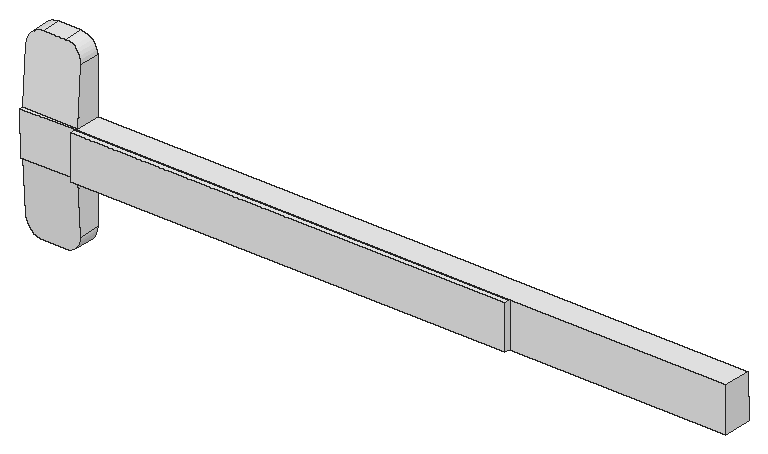
Revit family "49d94407bb3048f89dce53c1f840697b", category Doors, Revit 2021
Family settings
  Work Plane-Based = No
  Always vertical = Yes
  Cut with Voids When Loaded = No
  Shared = No
  Room Calculation Point = No
Parameters (values of type "Standard")
  Width = 0' - 0"
  Thickness = 0' - 0"
  Material = Metal - Stainless Steel
  Door Panel Width = 3' - 0"
  Overall Length = Door Panel Width - 0' 4"  # 2' - 8"
  Height = 0' - 0"
  Analytic Construction = "<None>"
Reference planes (in)
  plane 1 "Center (Front/Back)": y = 0
  plane 2: z = 0
  plane 3 "Center (Left/Right)": x = 0
  plane 4: x = 29.5
  plane 5: x = -2.5
  plane 6: z = 4.25
  plane 7: z = 1
  plane 8: z = -1
  plane 9: x = 19.66667
  plane 10: y = -1.25
  plane 11: y = -1.12499
  plane 12: z = -4.25
  plane 13: y = -1.5
  plane 14: x = 9.83333
  plane 15: x = -1.25
Forms (in)
  Extrusion 1, solid, material "Metal - Stainless Steel" <- "Material"
    sketch origin (0, 0, 0) x (1, 0, 0) y (0, 0, 1)
      loop
        line (-1.75, -4.25) -> (-0.75, -4.25)
        arc (-0.75, -4.25) -> (-0.21967, -4.03033) -> (0, -3.5) r 0.75
        line (0, -3.5) -> (0, 3.5)
        arc (0, 3.5) -> (-0.21967, 4.03033) -> (-0.75, 4.25) r 0.75
        line (-0.75, 4.25) -> (-1.75, 4.25)
        arc (-1.75, 4.25) -> (-2.28033, 4.03033) -> (-2.5, 3.5) r 0.75
        line (-2.5, 3.5) -> (-2.5, -3.5)
        arc (-2.5, -3.5) -> (-2.28033, -4.03033) -> (-1.75, -4.25) r 0.75
    from 0 to 1.12499
  Extrusion 2, solid, material "Metal - Stainless Steel" <- "Material"
    sketch origin (0, 0, 0) x (1, 0, 0) y (0, 0, 1)
      loop
        line (-2.5, 1) -> (-2.5, -1) -> (29.5, -1) -> (29.5, 1) -> (-2.5, 1)
    from 0 to 1.25
  Extrusion 3, solid, material "Metal - Stainless Steel" <- "Material"
    sketch origin (0, 0, 0) x (1, 0, 0) y (0, 0, 1)
      loop
        line (0, 1) -> (0, -1) -> (19.66667, -1) -> (19.66667, 1) -> (0, 1)
    from 1.25 to 1.5
  Extrusion 4, void
    sketch origin (0, 0, 0) x (0, 1, 0) y (0, 0, 1)
      loop
        line (-1.5, 4.25) -> (-1.5, 1) -> (-1.12499, 1) -> (-0.86856, 4.25) -> (-1.5, 4.25)
      loop
        line (-1.5, -4.25) -> (-0.86856, -4.25) -> (-1.12499, -1) -> (-1.5, -1) -> (-1.5, -4.25)
    from -2.5 to 0
Cuts and joins
  Extrusion 4 cuts Extrusion 1
  Extrusion 4 cuts Extrusion 2
  joined: Extrusion 1, Extrusion 2
  Extrusion 4 cuts Extrusion 3
Dimensions and locks (in)
  equal spacing: plane 6, plane 2, plane 12
  locked: plane 6 to plane 12 at 8.5
  plane 1 "Center (Front/Back)" to plane 10 = 0' - 1 1/4"
  "Overall Length": plane 5 to plane 4
  plane 7 to plane 8 = 0' - 2"
  equal spacing: plane 7, level, plane 8
  plane 11 to plane 1 "Center (Front/Back)" = 0' - 1 1/8"
  locked: plane 13 to plane 10 at 0.25
  equal spacing: plane 4, plane 9, plane 14, plane 3 "Center (Left/Right)"
  locked: plane 3 "Center (Left/Right)" to plane 5 at 2.5
  equal spacing: plane 3 "Center (Left/Right)", plane 15, plane 5
  radius of Extrusion 1 sketch curve = 0' - 0 3/4"  (x4)
  aligned and locked: plane 2 to level
  aligned and locked: plane 4 to cut or joined group of Extrusion 1, Extrusion 2, Extrusion 4
  aligned and locked: plane 13 to Extrusion 3
  aligned and locked: Extrusion 1 to plane 1 "Center (Front/Back)"
  aligned and locked: Extrusion 2 to plane 1 "Center (Front/Back)"
  aligned and locked: cut or joined group of Extrusion 1, Extrusion 2, Extrusion 4 to plane 11
  aligned and locked: Extrusion 3 to plane 10
  aligned and locked: plane 10 to cut or joined group of Extrusion 1, Extrusion 2, Extrusion 4
  aligned and locked: plane 5 to Extrusion 2 sketch curve
  aligned and locked: Extrusion 4 to Extrusion 3
  aligned and locked: Extrusion 4 to plane 5
  aligned and locked: cut or joined group of Extrusion 3, Extrusion 4 to plane 3 "Center (Left/Right)"
Automatic sketch dimensions
  Extrusion 3 sketch curve to plane 8 = 0' - 0"
  Extrusion 3 sketch curve to plane 7 = 0' - 0"
  Extrusion 3 sketch curve to plane 9 = 0' - 0"
  Extrusion 1 sketch curve to plane 5 = 0' - 0"
  Extrusion 1 sketch curve to plane 6 = 0' - 0"
  Extrusion 1 sketch curve to plane 12 = 0' - 0"
  Extrusion 1 sketch curve to plane 3 "Center (Left/Right)" = 0' - 0 3/4"
  Extrusion 2 sketch curve to plane 4 = 0' - 0"
  Extrusion 2 sketch curve to plane 8 = 0' - 0"
  Extrusion 2 sketch curve to plane 7 = 0' - 0"
  Extrusion 4 sketch curve to plane 6 = 0' - 0"
  Extrusion 4 sketch curve to plane 13 = 0' - 0"  (x2)
  plane 8 to Extrusion 4 sketch curve = 0' - 0"
  Extrusion 4 sketch curve to plane 7 = 0' - 0"
  Extrusion 4 sketch curve to plane 11 = 0' - 0"  (x2)
  plane 12 to Extrusion 4 sketch curve = 0' - 0"
  Extrusion 4 sketch curve to plane 11 = 0' - 0.25643"  (x2)
  plane 3 "Center (Left/Right)" to Extrusion 3 sketch curve = 0' - 0"
